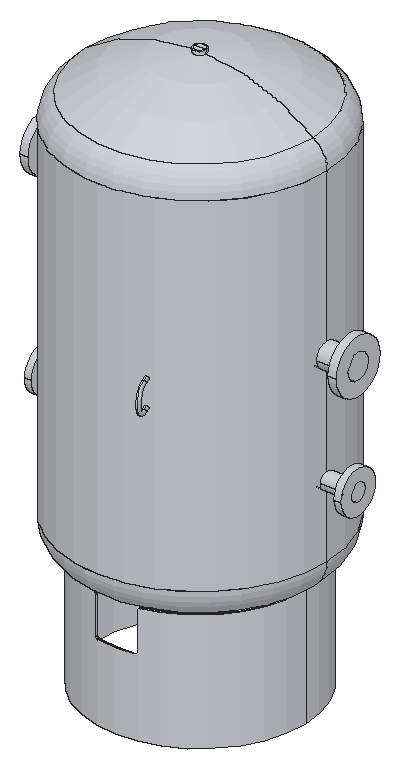
Revit family "HWBT-300-2-3-125 and 150", category Mechanical Equipment, Revit 2014
Parameters (values of type "HWBT-300-2-3-125 and 150")
  Tank Weight = "652 lbs @ 125, 717 lbs @ 150"
  Tank Volume = "300 Gal"
  Tank Height = "80 3/8\""
  Tank Diameter = "36\""
  Note = "All dimensions and weights are approximate"
  Maximum Acceptance Volume = "N/A"
  Max Operating Temp = "450° F"
  Max Operating Pressure = "125psi, or 150psi (depending on model)"
  Connector Size = "2\" and 3\""
Reference planes (in)
  plane 1 "Center (Front/Back)": y = 0
  plane 2: z = 0
  plane 3 "Center (Left/Right)": x = 0
Forms (in)
  Sweep 1, solid
    path origin (0.00567, -0.22084, -0.12453) x (0.338389, -0.941006, 0) y (0, 0, 1)
      loop
        line (17.83546, 48.42089) -> (18.83546, 48.42089)
        arc (18.83546, 48.42089) -> (20.71046, 46.54589) -> (18.83546, 44.67089) r 1.875
        line (18.83546, 44.67089) -> (17.83546, 44.67089)
    profile origin (6.21019, -17.47463, 48.29636) x (0, 0, 1) y (-0.941006, -0.338389, 0)
      loop
        circle (0, 0) r 0.25
  Extrusion 2, solid
    sketch origin (0, 0, 0) x (1, 0, 0) y (0, 1, 0)
      loop
        circle (0, 0) r 15
      loop
        circle (0, 0) r 14.8125
    from 0 to 17
  Extrusion 3, void
    sketch origin (0, 0, 0) x (1, 0, 0) y (0, 0, 1)
      loop
        arc (-3.4137, 17) -> (-3.12117, 16.87883) -> (-3, 16.5863) r 0.4137
        line (-3, 16.5863) -> (-3, 11.4137)
        arc (-3, 11.4137) -> (-2.87883, 11.12117) -> (-2.5863, 11) r 0.4137
        line (-2.5863, 11) -> (2.5863, 11)
        arc (2.5863, 11) -> (2.87883, 11.12117) -> (3, 11.4137) r 0.4137
        line (3, 11.4137) -> (3, 16.5863)
        arc (3, 16.5863) -> (3.12117, 16.87883) -> (3.4137, 17) r 0.4137
        line (3.4137, 17) -> (3.45066, 17.20962) -> (-3.4137, 17.20962) -> (-3.4137, 17)
    from 0 to 18
  Extrusion 4, void
    sketch origin (0, 0, 0) x (1, 0, 0) y (0, 0, 1)
      loop
        line (-6, 17) -> (-6, 2.4137)
        arc (-6, 2.4137) -> (-5.87883, 2.12117) -> (-5.5863, 2) r 0.4137
        line (-5.5863, 2) -> (5.5863, 2)
        arc (5.5863, 2) -> (5.87883, 2.12117) -> (6, 2.4137) r 0.4137
        line (6, 2.4137) -> (6, 17.6637) -> (-6, 17.6637) -> (-6, 17)
    from 0 to -18
  Revolve 5, solid
    sketch origin (0, 0, 0) x (1, 0, 0) y (0, 0, 1)
      loop
        line (0, 80.88747) -> (-0.80591, 80.88747)
        arc (-0.80591, 80.88747) -> (-0.85014, 80.86915) -> (-0.86845, 80.82493) r 0.06254
        line (-0.86845, 80.82493) -> (-0.89214, 80.37289)
        arc (-0.89214, 80.37289) -> (-8.94224, 78.87372) -> (-16.17999, 75.04403) r 27.168
        arc (-16.17999, 75.04403) -> (-17.55638, 73.46039) -> (-18.082, 71.42911) r 4.57937
        line (-18.082, 71.42911) -> (-18.082, 21.72098)
        arc (-18.082, 21.72098) -> (-17.56016, 19.61914) -> (-16.17999, 17.95027) r 4.87859
        arc (-16.17999, 17.95027) -> (-8.93864, 14.12339) -> (-0.88417, 12.63757) r 27.06844
        line (-0.88417, 12.63757) -> (-0.86845, 12.18762)
        arc (-0.86845, 12.18762) -> (-0.85014, 12.1434) -> (-0.80591, 12.12508) r 0.06254
        line (-0.80591, 12.12508) -> (0, 12.12508) -> (0, 80.88747)
      axis (0, 80.88747) -> (0, 12.12508)
    angle from 0 to 360
  Extrusion 6, solid
    sketch origin (0, 0, 0) x (0, 1, 0) y (0, 0, 1)
      loop
        circle (0, 32.125) r 1.19
    from 0 to 22.5
  Extrusion 7, solid
    sketch origin (0, 0, 0) x (0, 1, 0) y (0, 0, 1)
      loop
        circle (0, 32.125) r 1.19
    from 0 to -22.5
  Extrusion 8, solid
    sketch origin (0, 0, 0) x (0, 1, 0) y (0, 0, 1)
      loop
        circle (0, 32.125) r 3
    from 21.5 to 22.5
  Extrusion 9, solid
    sketch origin (0, 0, 0) x (0, 1, 0) y (0, 0, 1)
      loop
        circle (0, 32.125) r 3
    from -21.5 to -22.5
  Extrusion 10, solid
    sketch origin (0, 0, 0) x (0, 1, 0) y (0, 0, 1)
      loop
        circle (0, 48.125) r 1.75
    from 0 to 22.5
  Extrusion 11, solid
    sketch origin (0, 0, 0) x (0, 1, 0) y (0, 0, 1)
      loop
        circle (0, 61) r 1.75
    from 0 to -22.5
  Extrusion 12, solid
    sketch origin (0, 0, 0) x (0, 1, 0) y (0, 0, 1)
      loop
        circle (0, 61) r 3.8125
    from -21.3125 to -22.5
  Extrusion 13, solid
    sketch origin (0, 0, 0) x (0, 1, 0) y (0, 0, 1)
      loop
        circle (0, 48.125) r 3.8125
    from 21.3125 to 22.5
Cuts and joins
  Extrusion 3, Extrusion 4 cuts Extrusion 2
Dimensions and locks (in)
  aligned and locked: level to plane 2
